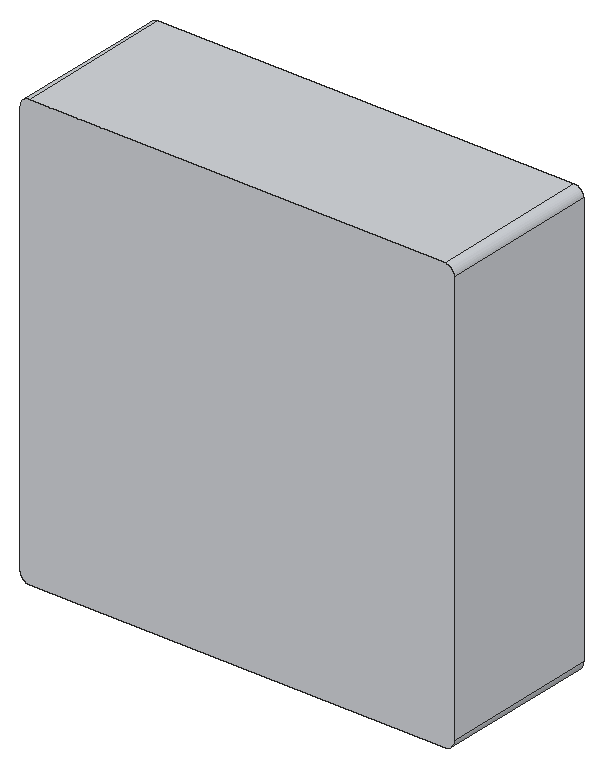
Revit family "Atlas_Sound_IP-SM_Wall_Surface_Mounted", category Communication Devices, host Wall, Revit 2016
Family settings
  Host = Wall
  Maintain Annotation Orientation = No
  Part Type = Normal
  Round Connector Dimension = Use Diameter
  Always vertical = Yes
  Cut with Voids When Loaded = No
  Shared = No
  Room Calculation Point = No
Parameters
  Warranty Duration (Years) = 0
  URL = "https://www.atlasied.com/ip-sm"
  Specification = ""
  SpecWizard = ""
  Send Message = ""
  Sales Information = ""
  Revision = ""
  Product Properties = ""
  Product Data = "https://www.atlasied.com/f/5898/ipx-series-endpoint-speaker-install-sheet.pdf"
  OmniClass Title = ""
  OmniClass Number = ""
  MasterFormat04 Keynote = ""
  Manufacturer's Notes = ""
  Manufacturer Website = "https://www.atlasied.com/"
  Manufacturer Phone - Toll Free = "800-876-3333"
  Manufacturer Phone = "602-438-4545"
  Manufacturer Fax = "602-438-8692"
  Manufacturer Email = ""
  Manufacturer Address = "4545 E. Baseline Rd. Phoenix, AZ 85040"
  Manufacturer = "Atlas Sound"
  Maintenance Schedule (Months) = 0
  Installation-Fabrication = "https://www.atlasied.com/f/5898/ipx-series-endpoint-speaker-install-sheet.pdf"
  Installation Phase = ""
  Green Building-LEED = ""
  Expected Lifespan (Years) = 0
  Drawn By = "Matt Wunch"
  Description = "POE+ indoor wall / ceiling mount IP speaker with paging microphone"
  Copyright = "Arcat, Inc. ©2018"
  Construction Details = ""
  Company_ID = 0
  Category = ""
  Building Codes = ""
Reference planes (in)
  plane 1: y = 0
  plane 2 "Center (Left/Right)": x = 0
  plane 3 "Wall Edge": y = 3
Text (in)
  text "Placement Side" at (0, 40.15149, 123.01588), in view "Right"
  text "Placement Side" at (-70.3804, 28.46503, 0), in view "Ref. Level"
  text "Placement Side" at (0, 81.62555, 140.59947), in view "Left"
Dimensions and locks (in)
  locked: plane 3 "Wall Edge" to host wall
Nested families (in)
  nested 1: "Nested_Family_IP-SM" at (0, 3, 48) x (0, 0, -1) z (0, 1, 0), type "Nested_Family_IP-SM"
Connectors (in)
  electrical at (0, 7.25, 48)
    settings: on nested 1, index 1, voltage 0 V, apparent load 0 VA, apparent load phase1 0 VA, apparent load phase2 0 VA, apparent load phase3 0 VA, power factor 1, load classification "Other", number of poles 1, system type 14, power factor state 1, is connector primary yes, connector utility no, sub classification motor no, connector description ""
Definition of nested family "Nested_Family_IP-SM"
  Parameters (values of type "Nested_Family_IP-SM")
    Warranty Duration (Years) = 0
    URL = "https://www.atlasied.com/ip-sm"
    Specification = ""
    SpecWizard = ""
    Send Message = ""
    Sales Information = ""
    Revision = ""
    Product Properties = ""
    Product Data = "https://www.atlasied.com/f/5898/ipx-series-endpoint-speaker-install-sheet.pdf"
    OmniClass Title = ""
    OmniClass Number = ""
    Model = "IP-SM"
    MasterFormat04 Keynote = ""
    Manufacturer's Notes = ""
    Manufacturer Website = "https://www.atlasied.com/"
    Manufacturer Phone - Toll Free = "800-876-3333"
    Manufacturer Phone = "602-438-4545"
    Manufacturer Fax = "602-438-8692"
    Manufacturer Email = ""
    Manufacturer Address = "4545 E. Baseline Rd. Phoenix, AZ 85040"
    Manufacturer = "Atlas Sound"
    Maintenance Schedule (Months) = 0
    Length = 0' - 11 1/2"
    Installation-Fabrication = "https://www.atlasied.com/f/5898/ipx-series-endpoint-speaker-install-sheet.pdf"
    Installation Phase = ""
    Green Building-LEED = ""
    Expected Lifespan (Years) = 0
    Drawn By = "Matt Wunch"
    Description = "POE+ indoor wall / ceiling mount IP speaker with paging microphone"
    Default Elevation = 4' - 0"
    Copyright = "Arcat, Inc. ©2018"
    Construction Details = ""
    Company_ID = 38830
    Category = ""
    Building Codes = ""
  Reference planes (in)
    plane 1 "Center (Front/Back)": y = 0
    plane 2: z = 0
    plane 3 "Center (Left/Right)": x = 0
    plane 4: x = -5.75
    plane 5: x = 5.75
    plane 6: y = -5.75
    plane 7: y = 5.75
  Forms (in)
    Extrusion 1, solid
      sketch origin (0, 0, 0) x (1, 0, 0) y (0, 1, 0)
        loop
          arc (-5.5, 5.75) -> (-5.67678, 5.67678) -> (-5.75, 5.5) r 0.25
          line (-5.75, 5.5) -> (-5.75, -5.5)
          arc (-5.75, -5.5) -> (-5.67678, -5.67678) -> (-5.5, -5.75) r 0.25
          line (-5.5, -5.75) -> (5.5, -5.75)
          arc (5.5, -5.75) -> (5.67678, -5.67678) -> (5.75, -5.5) r 0.25
          line (5.75, -5.5) -> (5.75, 5.5)
          arc (5.75, 5.5) -> (5.67678, 5.67678) -> (5.5, 5.75) r 0.25
          line (5.5, 5.75) -> (-5.5, 5.75)
      from 0 to 4.25
  Lines and regions (in)
    model lines
      curve 1: line (-5.375, 5.25, 4.25) -> (5.375, 5.25, 4.25)
      curve 2: line (-5.625, -5, 4.25) -> (-5.625, 5, 4.25)
      curve 3: line (5.375, -5.25, 4.25) -> (-5.375, -5.25, 4.25)
      curve 4: line (5.625, 5, 4.25) -> (5.625, -5, 4.25)
      curve 5: arc (-5.625, 5, 4.25) -> (-5.55178, 5.17678, 4.25) -> (-5.375, 5.25, 4.25) r 0.25
      curve 6: arc (5.375, 5.25, 4.25) -> (5.55178, 5.17678, 4.25) -> (5.625, 5, 4.25) r 0.25
      curve 7: arc (5.625, -5, 4.25) -> (5.55178, -5.17678, 4.25) -> (5.375, -5.25, 4.25) r 0.25
      curve 8: arc (-5.375, -5.25, 4.25) -> (-5.55178, -5.17678, 4.25) -> (-5.625, -5, 4.25) r 0.25
  Dimensions and locks (in)
    equal spacing: plane 4, plane 3 "Center (Left/Right)", plane 5
    "Length": plane 4 to plane 5
    equal spacing: plane 7, plane 1 "Center (Front/Back)", plane 6
    "Length": plane 7 to plane 6
    aligned and locked: plane 2 to level
    aligned and locked: Extrusion 1 sketch curve to plane 4
    aligned and locked: Extrusion 1 sketch curve to plane 7
    aligned and locked: Extrusion 1 sketch curve to plane 5
    aligned and locked: Extrusion 1 sketch curve to plane 6
  Automatic sketch dimensions
    Extrusion 1 sketch curve to plane 4 = 0' - 0 1/4"  (x2)
    Extrusion 1 sketch curve to plane 5 = 0' - 0 1/4"  (x2)
    curve 8 to Extrusion 1 = 0' - 0 3/8"
    curve 5 to Extrusion 1 = 0' - 0 3/8"
    curve 6 to Extrusion 1 = 0' - 0 3/8"
    curve 7 to Extrusion 1 = 0' - 0 3/8"
    curve 8 to Extrusion 1 = 0' - 0 3/4"
    curve 6 to Extrusion 1 = 0' - 0 3/4"
    curve 2 to Extrusion 1 = 0' - 0 1/8"
    curve 6 to Extrusion 1 = 0' - 0 1/8"
